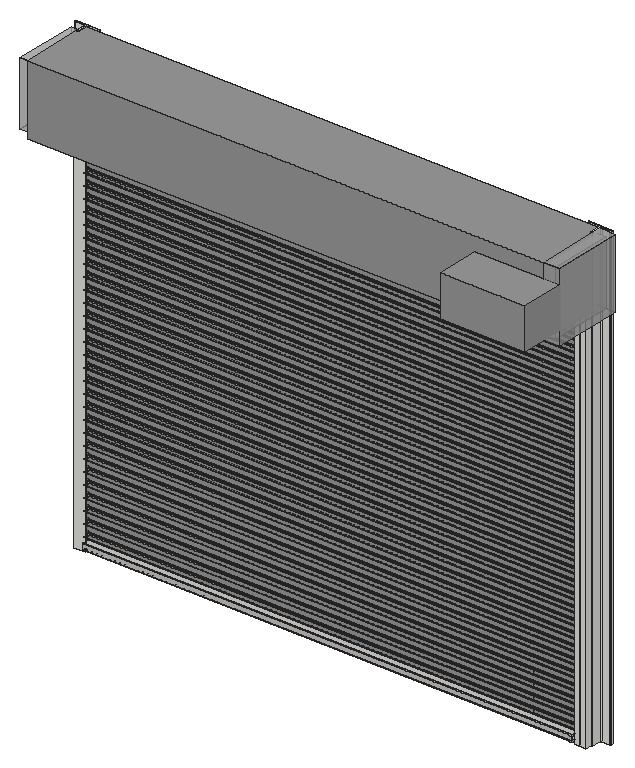
Revit family "Door-EntryDefender-FaceOfWallMount_Cookson_wTYPES", category Doors, host Wall, Revit 2016
Family settings
  Host = Wall
  OmniClass Number = 23.30.10.17.27.11
  OmniClass Title = Overhead Coiling
  Always vertical = Yes
  Cut with Voids When Loaded = No
  Shared = No
  Room Calculation Point = No
Parameters (values of type "Model PED 0101 - 14' x 10' Opening")
  Voltage = 120 VA  # constant formula
  Type Comments = ""
  SpectraSheild Coating Information [instance] = "https://www.cooksondoor.com/accessory/spectrashield-powder-coating"  # constant formula
  Sizing for Opening Size = "Minimum 3ft x 3ft and Max Openings up to 14ft wide x 16ft high"  # constant formula
  Rating Offset = 0' - 4 1/2"
  Product Page = "https://www.cooksondoor.com/product/entrydefender-door"
  Opening Width = 14' - 0"
  Non-Fire-Rated = yes
  Listings = "ICC 500 - 2014, FEMA P-361, [UL10B, UL1784 (fire rated model only)]"  # constant formula
  Jamb Dimension Note = "4 - 8In wide and 5-6In deep. Consult Cookson when dimensions are critical."  # constant formula
  Operator Right Side Horizontal OR = yes
  Operator Left Side Horizontal OR = no
  Opening Height = 10' - 0"
  Operator Right Side Top OR = no
  Operator Left Side Top OR = no
  Guide Material = Steel
  Guide Height = Height - A Coil Hood Height  # 11' - 2"
  E = 0' - 7 3/8"
  D = 0' - 3 1/2"  # constant formula
  Rough Height = 10' - 0 1/2"
  Product Options = "Seismic Performance Validation. Standard Emergency Annuciator: [ADA Compliant horn/strobe.  Voice Warning Module                                 \r\nStandard : Emergency Annunciator: [ADA compliant horn/strobe] [Voice Warning Module] emergency annunciator to give advanced warning that door is about to close, activating warning signal upon alarm or activation. \r\nStandard : Battery Back-Up: Model R-BBU Battery Back-Up System for AlarmGard Motor Operator: Prevent gravity closure for a minimum of four hours due to power failure.\r\nOperator and Full Bracket Mechanism Cover: Provide minimum 24 gauge [galvanized steel] [stainless steel] sheet metal cover [to provide weather resistance] [to enclose exposed moving operating components] at coil area of unit. Finish to match door hood."  # constant formula
  Operator Width = Width + 0' 9"  # 14' - 9"
  Guard Width = Width + if(Rating Offset = 0' 4 1/2", 0' 2 1/4", 0' 3 1/4")  # 14' - 2 1/4"
  Function = Interior
  Door Material [instance] = Metal - Steel, Galvanized - Cookson - SpectraShield Powder Coating - Grey
  Cost Note = "Based on size, materials selected. Consult CornellIron ."  # constant formula
  Cost = 0
  CornellIron Products = ""
  Cookson Custom Finishes = "https://www.cooksondoor.com/product-customization/ral-colors"  # constant formula
  Coil Dimension Note = "Consult Cookson when dimensions are critical."  # constant formula
  Clearances on Operator side Note = "9In-11In wide. Consult Cookson when dimensions are critical."  # constant formula
  Clearances on Adjuster side Note = "6In - 8In wide. Consult Cookson when dimensions are critical."  # constant formula
  CAD Resources = ""
  C = 0' - 5 1/2"  # constant formula
  Mounting = "Face of Wall "  # constant formula
  Wall Construction = "Steel or Masonry"  # constant formula
  Product Specifications URL = "https://www.cooksondoor.com/docs/default-source/specifications/cookson/sp_entrydefender_door_k.docx"
  CornellIron Projects = ""
  URL = "http://www.cooksondoor.com/"
  Subcategory = "Roll Up"
  Operator Height = 5' - 4"
  Operation = "Motor Operator"  # constant formula
  Operator on Right = not(or(Operator Left Side Horizontal OR, Operator Left Side Top OR))  # yes
  Operator on Left = not(or(Operator Right Side Horizontal OR, Operator Right Side Top OR))  # no
  Model = "PED0101"  # constant formula
  Manufacturer = "Cookson"
  LEED Information = ""
  Height = if(Opening Height < 3' 0", 3' 0", if(Opening Height > 16' 0", 16' 0", Opening Height)) + 3' 2"  # 13' - 2"
  Wall Closure = By host
  Width = if(Opening Width < 3' 0", 3' 0", if(Opening Width > 14' 0", 14' 0", Opening Width))  # 14' - 0"
  Description = "Steel curtain with face of wall mounted guides"  # constant formula
  Construction Type = ""
  Bottom Bar Material = 12 gauge Steel
  B Coil Hood Depth = A Coil Hood Height  # 2' - 0"
  Assembly Code = "B2030410"
  Analytic Construction = "<None>"
  A Coil Hood Height = 2' - 0"
  95 CSI = "08330"  # constant formula
  Representative Disclaimer = "CornellIron products are sold and installed through a nationwide network of independent distributors."  # constant formula
  Distributor Locator = ""
  04 CSI = "08 33 00"  # constant formula
  # Of Slats = (Guide Height / 0' 4")  # 34
Reference planes (in)
  plane 1 "Center (Front/Back)": y = 0
  plane 2 "Center (Left/Right)": x = 36.5
  plane 3 "Left": x = -47.5
  plane 4 "Right": x = 120.5
  plane 5 "Wall Edge": y = -3.25
  plane 6 "Top of Hood": z = 158
  plane 7: z = 4.39975
  plane 8: z = 4.39975
  plane 9: z = 6.41361
  plane 10: z = 10.41361
  plane 11: y = -5.125
  plane 12 "RatingOffset": x = -52
  plane 13 "Right Opening": x = -50
  plane 14 "Left Opening": x = 123
  plane 15: y = -6.249
  plane 16: x = -51.625
  plane 17: x = 125
  plane 18: x = 123.875
  plane 19: z = 120
  plane 20: z = 201
  plane 21: x = 146.5
  plane 22: x = 74
  plane 23: z = 48
  plane 24 "CurtainSlatFace": y = -7.5625
  plane 25: z = 1.094
  plane 26: y = -7.6671
  plane 27: y = -10.6671
  plane 28: z = 3.094
Forms (in)
  Extrusion 1, solid, material "Metal - Steel, Galvanized - Cookson - SpectraShield Powder Coating - Grey" <- "Door Material"
    sketch origin (36.5, 5.6875, 0) x (0, 1, 0) y (0, 0, 1)
      loop
        arc (-14.54091, 1.094) -> (-14.68883, 1.03273) -> (-14.75011, 0.8848) r 0.2092
        line (-14.75011, 0.8848) -> (-14.75011, 0.2092)
        arc (-14.75011, 0.2092) -> (-14.68883, 0.06127) -> (-14.54091, 0) r 0.2092
        line (-14.54091, 0) -> (-13.4592, 0)
        arc (-13.4592, 0) -> (-13.31127, 0.06127) -> (-13.25, 0.2092) r 0.2092
        line (-13.25, 0.2092) -> (-13.25, 3.7908)
        arc (-13.25, 3.7908) -> (-13.31127, 3.93873) -> (-13.4592, 4) r 0.2092
        line (-13.4592, 4) -> (-14.54091, 4)
        arc (-14.54091, 4) -> (-14.61487, 4.03064) -> (-14.64551, 4.1046) r 0.1046
        line (-14.64551, 4.1046) -> (-14.64551, 5.2704)
        arc (-14.64551, 5.2704) -> (-14.61487, 5.34436) -> (-14.54091, 5.375) r 0.1046
        line (-14.54091, 5.375) -> (-13.8546, 5.375)
        arc (-13.8546, 5.375) -> (-13.78064, 5.34436) -> (-13.75, 5.2704) r 0.1046
        line (-13.75, 5.2704) -> (-13.75, 4.75) -> (-13.6454, 4.75) -> (-13.6454, 5.2704)
        arc (-13.6454, 5.2704) -> (-13.70667, 5.41833) -> (-13.8546, 5.4796) r 0.2092
        line (-13.8546, 5.4796) -> (-14.54091, 5.4796)
        arc (-14.54091, 5.4796) -> (-14.68883, 5.41833) -> (-14.75011, 5.2704) r 0.2092
        line (-14.75011, 5.2704) -> (-14.75011, 4.1046)
        arc (-14.75011, 4.1046) -> (-14.68883, 3.95667) -> (-14.54091, 3.8954) r 0.2092
        line (-14.54091, 3.8954) -> (-13.4592, 3.8954)
        arc (-13.4592, 3.8954) -> (-13.38524, 3.86476) -> (-13.3546, 3.7908) r 0.1046
        line (-13.3546, 3.7908) -> (-13.3546, 0.2092)
        arc (-13.3546, 0.2092) -> (-13.38524, 0.13524) -> (-13.4592, 0.1046) r 0.1046
        line (-13.4592, 0.1046) -> (-14.54091, 0.1046)
        arc (-14.54091, 0.1046) -> (-14.61487, 0.13524) -> (-14.64551, 0.2092) r 0.1046
        line (-14.64551, 0.2092) -> (-14.64551, 0.8848)
        arc (-14.64551, 0.8848) -> (-14.61487, 0.95876) -> (-14.54091, 0.9894) r 0.1046
        line (-14.54091, 0.9894) -> (-13.9375, 0.9894) -> (-13.9375, 1.094) -> (-14.54091, 1.094)
      loop
        arc (-14.35818, 0.95815) -> (-14.50611, 0.89688) -> (-14.56738, 0.74895) r 0.2092
        line (-14.56738, 0.74895) -> (-14.56738, 0.34505)
        arc (-14.56738, 0.34505) -> (-14.50611, 0.19712) -> (-14.35818, 0.13585) r 0.2092
        line (-14.35818, 0.13585) -> (-13.43273, 0.13585) -> (-13.43273, 0.24045) -> (-14.35818, 0.24045)
        arc (-14.35818, 0.24045) -> (-14.43215, 0.27109) -> (-14.46278, 0.34505) r 0.1046
        line (-14.46278, 0.34505) -> (-14.46278, 0.74895)
        arc (-14.46278, 0.74895) -> (-14.43215, 0.82291) -> (-14.35818, 0.85355) r 0.1046
        line (-14.35818, 0.85355) -> (-13.43273, 0.85355) -> (-13.43273, 0.95815) -> (-14.35818, 0.95815)
    from -85.125 to 85.125
  Extrusion 2, solid, material "12 gauge Steel" <- "Bottom Bar Material"
    sketch origin (-47.5, 0, 0) x (0, -1, 0) y (0, 0, 1)
      loop
        arc (7.8763, 3.094) -> (7.72837, 3.03273) -> (7.6671, 2.8848) r 0.2092
        line (7.6671, 2.8848) -> (7.6671, 1.30494)
        arc (7.6671, 1.30494) -> (7.72888, 1.15578) -> (7.87804, 1.094) r 0.21094
        line (7.87804, 1.094) -> (10.45616, 1.094)
        arc (10.45616, 1.094) -> (10.60532, 1.15578) -> (10.6671, 1.30494) r 0.21094
        line (10.6671, 1.30494) -> (10.6671, 2.88306)
        arc (10.6671, 2.88306) -> (10.60532, 3.03222) -> (10.45616, 3.094) r 0.21094
        line (10.45616, 3.094) -> (7.8763, 3.094)
      loop
        arc (7.98351, 2.98853) -> (7.83435, 2.92675) -> (7.77257, 2.77759) r 0.21094
        line (7.77257, 2.77759) -> (7.77257, 1.41041)
        arc (7.77257, 1.41041) -> (7.83435, 1.26125) -> (7.98351, 1.19947) r 0.21094
        line (7.98351, 1.19947) -> (10.35069, 1.19947)
        arc (10.35069, 1.19947) -> (10.49985, 1.26125) -> (10.56163, 1.41041) r 0.21094
        line (10.56163, 1.41041) -> (10.56163, 2.77759)
        arc (10.56163, 2.77759) -> (10.49985, 2.92675) -> (10.35069, 2.98853) r 0.21094
        line (10.35069, 2.98853) -> (7.98351, 2.98853)
    from -168 to 0
Lines and regions (in)
  Opening 1
    outline origin (-90, -3.25, 0) x (1, 0, 0) y (0, 0, 1)
      loop
        line (42.5, 0) -> (210.5, 0) -> (210.5, 120) -> (42.5, 120) -> (42.5, 0)
  symbolic lines
    curve 1: line (-48.625, -7.5625, 0) -> (121.625, -7.5625, 0)
    curve 2: line (-48.625, -9.06261, 0) -> (-48.625, -7.5625, 0)
    curve 3: line (121.625, -9.06261, 0) -> (-48.625, -9.06261, 0)
    curve 4: line (121.625, -7.5625, 0) -> (121.625, -9.06261, 0)
Text (in)
  text "Exterior" at (-74.96733, 43.29818, 0), in view "Ref. Level"
  text "Interior" at (-74.96733, -25.14366, 0), in view "Ref. Level"
  text "Exterior" at (0, 40.15149, 123.01588), in view "Right"
  text "Interior" at (0, -64.39139, 123.01588), in view "Right"
  text "Interior" at (0, -99.68667, 224.54229), in view "Left"
  text "Exterior" at (0, 121.89301, 224.54229), in view "Left"
Dimensions and locks (in)
  equal spacing: plane 3 "Left", plane 2 "Center (Left/Right)", plane 4 "Right"
  "Width": plane 3 "Left" to plane 4 "Right"
  locked: level to plane 7 at 4.39975
  locked: level to plane 8 at 4.39975
  locked: plane 9 to level at 6.41361
  level to plane 10 = 0' - 10.41361"
  locked: plane 13 "Right Opening" to plane 3 "Left" at 2.5
  locked: plane 4 "Right" to plane 14 "Left Opening" at 2.5
  locked: plane 5 "Wall Edge" to plane 11 at 1.875
  locked: plane 5 "Wall Edge" to plane 15 at 2.999
  locked: plane 17 to plane 18 at 1.125
  "Rating Offset": plane 4 "Right" to plane 17
  "Rating Offset": plane 12 "RatingOffset" to plane 3 "Left"
  locked: plane 16 to plane 3 "Left" at 4.125
  plane 23 to level = 4' - 0"
  plane 14 "Left Opening" to plane 21 = 1' - 11 1/2"
  "Opening Height": level to plane 19
  "Height": plane 6 "Top of Hood" to level
  equal spacing: group 1, group 2, group 3, group 4, group 5, group 6, group 7, group 8, group 9, group 10, group 11, group 12, group 13, group 14, group 15, group 16, group 17, group 18, group 19, group 20, group 21, group 22, group 23, group 24, group 25, group 26, group 27, group 28, group 29, group 30, group 31, group 32, group 33, group 34  (x3)
  nested 1 to nested 1 = 2' - 0"  (x3)
  "A Coil Hood Height": nested 1 to plane 6 "Top of Hood"
  nested 1 to level = 13' - 2"
  nested 1 to level = 11' - 2"
  nested 13 to level = 13' - 2"
  plane 3 "Left" to plane 4 "Right" = 14' - 0"
  locked: plane 5 "Wall Edge" to plane 24 "CurtainSlatFace" at 4.3125
  locked: plane 5 "Wall Edge" to nested 1 at 1.25
  locked: plane 12 "RatingOffset" to Extrusion 1 at 3.375
  locked: plane 17 to Extrusion 1 at 3.375
  plane 5 "Wall Edge" to nested 1 = 2' - 1 1/4"
  plane 5 "Wall Edge" to nested 1 = 0' - 1 1/4"
  locked: Extrusion 2 sketch curve to Extrusion 2 sketch curve at 0.10547
  locked: Extrusion 2 sketch curve to plane 27 at 0.10547
  locked: plane 28 to Extrusion 2 sketch curve at 0.10547
  locked: Extrusion 2 sketch curve to plane 25 at 0.10547
  plane 24 "CurtainSlatFace" to plane 26 to plane 27 = 0' - 0.1046" locked, 0' - 3" locked
  aligned and locked: Opening 1 sketch curve to level
  aligned and locked: plane 5 "Wall Edge" to host wall
  aligned and locked: plane 4 "Right" to Opening 1 sketch curve
  aligned and locked: plane 3 "Left" to Opening 1 sketch curve
  aligned and locked: nested 2 to plane 2 "Center (Left/Right)"
  aligned and locked: nested 3 to plane 2 "Center (Left/Right)"
  aligned and locked: nested 14 to plane 17
  aligned and locked: nested 14 to plane 5 "Wall Edge"
  aligned and locked: plane 5 "Wall Edge" to nested 13
  aligned and locked: plane 24 "CurtainSlatFace" to Extrusion 1
  aligned and locked: plane 12 "RatingOffset" to nested 13
  aligned and locked: plane 24 "CurtainSlatFace" to nested 2
  aligned and locked: curve 2 to nested 13
  aligned and locked: curve 4 to nested 14
  aligned and locked: plane 27 to Extrusion 2 sketch curve
  aligned and locked: Extrusion 2 sketch curve to plane 26
  aligned and locked: Extrusion 2 sketch curve to plane 28
  aligned and locked: plane 25 to Extrusion 2 sketch curve
  aligned and locked: Extrusion 2 to plane 4 "Right"
  aligned and locked: plane 3 "Left" to Extrusion 2
Automatic sketch dimensions
  Opening 1 sketch curve to plane 19 = 0' - 0"
  Extrusion 1 sketch curve to Extrusion 1 sketch curve = 0' - 0"  (x37)
  Extrusion 1 sketch curve to Extrusion 1 sketch curve = 0' - 0.1046"  (x10)
  Extrusion 1 sketch curve to Extrusion 1 sketch curve = 0' - 0.60341"
  Extrusion 1 sketch curve to Extrusion 1 sketch curve = 0' - 0.68631"
  Extrusion 1 sketch curve to Extrusion 1 sketch curve = 0' - 1.08171"
  Extrusion 1 sketch curve to Extrusion 1 sketch curve = 0' - 0.1862"
  Extrusion 1 sketch curve to Extrusion 1 sketch curve = 0' - 0.02648"
  Extrusion 1 sketch curve to Extrusion 1 sketch curve = 0' - 0.50477"
  Extrusion 1 sketch curve to Extrusion 1 sketch curve = 0' - 0.02647"
  Extrusion 1 sketch curve to Extrusion 1 sketch curve = 0' - 0 1/32"
  Extrusion 1 sketch curve to Extrusion 1 sketch curve = 0' - 0.13585"
  Extrusion 1 sketch curve to Extrusion 1 sketch curve = 0' - 0.4039"
  Extrusion 1 sketch curve to Extrusion 1 sketch curve = 0' - 2.6968"
  Extrusion 1 sketch curve to Extrusion 1 sketch curve = 0' - 0 3/4"
  Extrusion 1 sketch curve to Extrusion 1 sketch curve = 0' - 0.5204"
  curve 2 to curve 3 = 14' - 2 1/4"
  curve 2 to curve 2 = 0' - 1.50011"
  Extrusion 1 sketch curve to level = 0' - 0"
  Extrusion 1 sketch curve to plane 24 "CurtainSlatFace" = 0' - 0"
  curve 4 to plane 24 "CurtainSlatFace" = 0' - 0"
  curve 4 to plane 24 "CurtainSlatFace" = 0' - 1.50011"
  Extrusion 2 sketch curve to plane 26 = 0' - 0.2092"
  Extrusion 2 sketch curve to Extrusion 2 sketch curve = 0' - 0 27/256"  (x4)
  Extrusion 2 sketch curve to Extrusion 2 sketch curve = 0' - 0.10721"
  plane 27 to Extrusion 2 sketch curve = 0' - 0 81/256"  (x2)
  Extrusion 2 sketch curve to Extrusion 2 sketch curve = 0' - 0"
Nested families (in)
  nested 1: "Coil Hood" at (36.5, -13, 79.5), Door Material <- "Door Material", type "Parametric"
    with Door Material Metal - Steel, Galvanized - Cookson - SpectraShield Powder Coating - Grey, Top Left no, Top Operator CL 0' - 4 7/8", Right yes, Operator Cover Left no, Opeator Cover Right yes, Left no, Horizontal Right yes, E 0' - 4 7/8", B Coil Hood Depth 2' - 0", A Coil Hood Height 2' - 0"
  nested 2: "Curtain Slat Design" at (119.84707, -8.51, 7.40625) x (-1, 0, 0) z (0, 0, 1), Door Material <- "Door Material", type "Parametric"
    with No Of Stuts Upper 17, No Of Stuts 18, Door Material Metal - Steel, Galvanized - Cookson - SpectraShield Powder Coating - Grey, Distance Horizontal Placement 0' - 9"
  nested 3: "Curtain Slat Design" at (119.84707, -8.51, 11.40625) x (-1, 0, 0) z (0, 0, 1), Door Material <- "Door Material", type "Parametric"
    with No Of Stuts Upper 17, No Of Stuts 18, Door Material Metal - Steel, Galvanized - Cookson - SpectraShield Powder Coating - Grey, Distance Horizontal Placement 0' - 9"
  nested 4: "Curtain Slat Design" at (119.84707, -8.51, 15.40625) x (-1, 0, 0) z (0, 0, 1), Door Material <- "Door Material", type "Parametric"
    with No Of Stuts Upper 17, No Of Stuts 18, Door Material Metal - Steel, Galvanized - Cookson - SpectraShield Powder Coating - Grey, Distance Horizontal Placement 0' - 9"
  nested 5: "Curtain Slat Design" at (119.84707, -8.51, 19.40625) x (-1, 0, 0) z (0, 0, 1), Door Material <- "Door Material", type "Parametric"
    with No Of Stuts Upper 17, No Of Stuts 18, Door Material Metal - Steel, Galvanized - Cookson - SpectraShield Powder Coating - Grey, Distance Horizontal Placement 0' - 9"
  nested 6: "Curtain Slat Design" at (119.84707, -8.51, 23.40625) x (-1, 0, 0) z (0, 0, 1), Door Material <- "Door Material", type "Parametric"
    with No Of Stuts Upper 17, No Of Stuts 18, Door Material Metal - Steel, Galvanized - Cookson - SpectraShield Powder Coating - Grey, Distance Horizontal Placement 0' - 9"
  nested 7: "Curtain Slat Design" at (119.84707, -8.51, 27.40625) x (-1, 0, 0) z (0, 0, 1), Door Material <- "Door Material", type "Parametric"
    with No Of Stuts Upper 17, No Of Stuts 18, Door Material Metal - Steel, Galvanized - Cookson - SpectraShield Powder Coating - Grey, Distance Horizontal Placement 0' - 9"
  nested 8: "Curtain Slat Design" at (119.84707, -8.51, 31.40625) x (-1, 0, 0) z (0, 0, 1), Door Material <- "Door Material", type "Parametric"
    with No Of Stuts Upper 17, No Of Stuts 18, Door Material Metal - Steel, Galvanized - Cookson - SpectraShield Powder Coating - Grey, Distance Horizontal Placement 0' - 9"
  nested 9: "Curtain Slat Design" at (119.84707, -8.51, 35.40625) x (-1, 0, 0) z (0, 0, 1), Door Material <- "Door Material", type "Parametric"
    with No Of Stuts Upper 17, No Of Stuts 18, Door Material Metal - Steel, Galvanized - Cookson - SpectraShield Powder Coating - Grey, Distance Horizontal Placement 0' - 9"
  nested 10: "Curtain Slat Design" at (119.84707, -8.51, 39.40625) x (-1, 0, 0) z (0, 0, 1), Door Material <- "Door Material", type "Parametric"
    with No Of Stuts Upper 17, No Of Stuts 18, Door Material Metal - Steel, Galvanized - Cookson - SpectraShield Powder Coating - Grey, Distance Horizontal Placement 0' - 9"
  nested 11: "Curtain Slat Design" at (119.84707, -8.51, 43.40625) x (-1, 0, 0) z (0, 0, 1), Door Material <- "Door Material", type "Parametric"
    with No Of Stuts Upper 17, No Of Stuts 18, Door Material Metal - Steel, Galvanized - Cookson - SpectraShield Powder Coating - Grey, Distance Horizontal Placement 0' - 9"
  nested 12: "Curtain Slat Design" at (119.84707, -8.51, 47.40625) x (-1, 0, 0) z (0, 0, 1), Door Material <- "Door Material", type "Parametric"
    with No Of Stuts Upper 17, No Of Stuts 18, Door Material Metal - Steel, Galvanized - Cookson - SpectraShield Powder Coating - Grey, Distance Horizontal Placement 0' - 9"
  nested 13: "Jamb-Guide_Wall-2" at (-51.5, -9.5, 0), Door Material <- "Guide Material", type "Parametric"
    with Door Material Steel, Height 13' - 2", A Coil Hood Height 2' - 0"
  nested 14: "Jamb-Guide_Wall-2" at (124.5, -9.5, 0) x (-1, 0, 0) z (0, 0, 1), Door Material <- "Guide Material", type "Parametric"
    with Door Material Steel, Height 13' - 2", A Coil Hood Height 2' - 0"
  nested 15: "Curtain Slat Design" at (119.84707, -8.51, 51.40625) x (-1, 0, 0) z (0, 0, 1), Door Material <- "Door Material", type "Parametric"
    with No Of Stuts Upper 17, No Of Stuts 18, Door Material Metal - Steel, Galvanized - Cookson - SpectraShield Powder Coating - Grey, Distance Horizontal Placement 0' - 9"
  nested 16: "Curtain Slat Design" at (119.84707, -8.51, 55.40625) x (-1, 0, 0) z (0, 0, 1), Door Material <- "Door Material", type "Parametric"
    with No Of Stuts Upper 17, No Of Stuts 18, Door Material Metal - Steel, Galvanized - Cookson - SpectraShield Powder Coating - Grey, Distance Horizontal Placement 0' - 9"
  nested 17: "Curtain Slat Design" at (119.84707, -8.51, 59.40625) x (-1, 0, 0) z (0, 0, 1), Door Material <- "Door Material", type "Parametric"
    with No Of Stuts Upper 17, No Of Stuts 18, Door Material Metal - Steel, Galvanized - Cookson - SpectraShield Powder Coating - Grey, Distance Horizontal Placement 0' - 9"
  nested 18: "Curtain Slat Design" at (119.84707, -8.51, 63.40625) x (-1, 0, 0) z (0, 0, 1), Door Material <- "Door Material", type "Parametric"
    with No Of Stuts Upper 17, No Of Stuts 18, Door Material Metal - Steel, Galvanized - Cookson - SpectraShield Powder Coating - Grey, Distance Horizontal Placement 0' - 9"
  nested 19: "Curtain Slat Design" at (119.84707, -8.51, 67.40625) x (-1, 0, 0) z (0, 0, 1), Door Material <- "Door Material", type "Parametric"
    with No Of Stuts Upper 17, No Of Stuts 18, Door Material Metal - Steel, Galvanized - Cookson - SpectraShield Powder Coating - Grey, Distance Horizontal Placement 0' - 9"
  nested 20: "Curtain Slat Design" at (119.84707, -8.51, 71.40625) x (-1, 0, 0) z (0, 0, 1), Door Material <- "Door Material", type "Parametric"
    with No Of Stuts Upper 17, No Of Stuts 18, Door Material Metal - Steel, Galvanized - Cookson - SpectraShield Powder Coating - Grey, Distance Horizontal Placement 0' - 9"
  nested 21: "Curtain Slat Design" at (119.84707, -8.51, 75.40625) x (-1, 0, 0) z (0, 0, 1), Door Material <- "Door Material", type "Parametric"
    with No Of Stuts Upper 17, No Of Stuts 18, Door Material Metal - Steel, Galvanized - Cookson - SpectraShield Powder Coating - Grey, Distance Horizontal Placement 0' - 9"
  nested 22: "Curtain Slat Design" at (119.84707, -8.51, 79.40625) x (-1, 0, 0) z (0, 0, 1), Door Material <- "Door Material", type "Parametric"
    with No Of Stuts Upper 17, No Of Stuts 18, Door Material Metal - Steel, Galvanized - Cookson - SpectraShield Powder Coating - Grey, Distance Horizontal Placement 0' - 9"
  nested 23: "Curtain Slat Design" at (119.84707, -8.51, 83.40625) x (-1, 0, 0) z (0, 0, 1), Door Material <- "Door Material", type "Parametric"
    with No Of Stuts Upper 17, No Of Stuts 18, Door Material Metal - Steel, Galvanized - Cookson - SpectraShield Powder Coating - Grey, Distance Horizontal Placement 0' - 9"
  nested 24: "Curtain Slat Design" at (119.84707, -8.51, 87.40625) x (-1, 0, 0) z (0, 0, 1), Door Material <- "Door Material", type "Parametric"
    with No Of Stuts Upper 17, No Of Stuts 18, Door Material Metal - Steel, Galvanized - Cookson - SpectraShield Powder Coating - Grey, Distance Horizontal Placement 0' - 9"
  nested 25: "Curtain Slat Design" at (119.84707, -8.51, 91.40625) x (-1, 0, 0) z (0, 0, 1), Door Material <- "Door Material", type "Parametric"
    with No Of Stuts Upper 17, No Of Stuts 18, Door Material Metal - Steel, Galvanized - Cookson - SpectraShield Powder Coating - Grey, Distance Horizontal Placement 0' - 9"
  nested 26: "Curtain Slat Design" at (119.84707, -8.51, 95.40625) x (-1, 0, 0) z (0, 0, 1), Door Material <- "Door Material", type "Parametric"
    with No Of Stuts Upper 17, No Of Stuts 18, Door Material Metal - Steel, Galvanized - Cookson - SpectraShield Powder Coating - Grey, Distance Horizontal Placement 0' - 9"
  nested 27: "Curtain Slat Design" at (119.84707, -8.51, 99.40625) x (-1, 0, 0) z (0, 0, 1), Door Material <- "Door Material", type "Parametric"
    with No Of Stuts Upper 17, No Of Stuts 18, Door Material Metal - Steel, Galvanized - Cookson - SpectraShield Powder Coating - Grey, Distance Horizontal Placement 0' - 9"
  nested 28: "Curtain Slat Design" at (119.84707, -8.51, 103.40625) x (-1, 0, 0) z (0, 0, 1), Door Material <- "Door Material", type "Parametric"
    with No Of Stuts Upper 17, No Of Stuts 18, Door Material Metal - Steel, Galvanized - Cookson - SpectraShield Powder Coating - Grey, Distance Horizontal Placement 0' - 9"
  nested 29: "Curtain Slat Design" at (119.84707, -8.51, 107.40625) x (-1, 0, 0) z (0, 0, 1), Door Material <- "Door Material", type "Parametric"
    with No Of Stuts Upper 17, No Of Stuts 18, Door Material Metal - Steel, Galvanized - Cookson - SpectraShield Powder Coating - Grey, Distance Horizontal Placement 0' - 9"
  nested 30: "Curtain Slat Design" at (119.84707, -8.51, 111.40625) x (-1, 0, 0) z (0, 0, 1), Door Material <- "Door Material", type "Parametric"
    with No Of Stuts Upper 17, No Of Stuts 18, Door Material Metal - Steel, Galvanized - Cookson - SpectraShield Powder Coating - Grey, Distance Horizontal Placement 0' - 9"
  nested 31: "Curtain Slat Design" at (119.84707, -8.51, 115.40625) x (-1, 0, 0) z (0, 0, 1), Door Material <- "Door Material", type "Parametric"
    with No Of Stuts Upper 17, No Of Stuts 18, Door Material Metal - Steel, Galvanized - Cookson - SpectraShield Powder Coating - Grey, Distance Horizontal Placement 0' - 9"
  nested 32: "Curtain Slat Design" at (119.84707, -8.51, 119.40625) x (-1, 0, 0) z (0, 0, 1), Door Material <- "Door Material", type "Parametric"
    with No Of Stuts Upper 17, No Of Stuts 18, Door Material Metal - Steel, Galvanized - Cookson - SpectraShield Powder Coating - Grey, Distance Horizontal Placement 0' - 9"
  nested 33: "Curtain Slat Design" at (119.84707, -8.51, 123.40625) x (-1, 0, 0) z (0, 0, 1), Door Material <- "Door Material", type "Parametric"
    with No Of Stuts Upper 17, No Of Stuts 18, Door Material Metal - Steel, Galvanized - Cookson - SpectraShield Powder Coating - Grey, Distance Horizontal Placement 0' - 9"
  nested 34: "Curtain Slat Design" at (119.84707, -8.51, 127.40625) x (-1, 0, 0) z (0, 0, 1), Door Material <- "Door Material", type "Parametric"
    with No Of Stuts Upper 17, No Of Stuts 18, Door Material Metal - Steel, Galvanized - Cookson - SpectraShield Powder Coating - Grey, Distance Horizontal Placement 0' - 9"
  nested 35: "Curtain Slat Design" at (119.84707, -8.51, 131.40625) x (-1, 0, 0) z (0, 0, 1), Door Material <- "Door Material", type "Parametric"
    with No Of Stuts Upper 17, No Of Stuts 18, Door Material Metal - Steel, Galvanized - Cookson - SpectraShield Powder Coating - Grey, Distance Horizontal Placement 0' - 9"
  nested 36: "Curtain Slat Design" at (119.84707, -8.51, 135.40625) x (-1, 0, 0) z (0, 0, 1), Door Material <- "Door Material", type "Parametric"
    with No Of Stuts Upper 17, No Of Stuts 18, Door Material Metal - Steel, Galvanized - Cookson - SpectraShield Powder Coating - Grey, Distance Horizontal Placement 0' - 9"
  nested 37: "Curtain Slat Design" at (119.84707, -8.51, 139.40625) x (-1, 0, 0) z (0, 0, 1), Door Material <- "Door Material", type "Parametric"
    with No Of Stuts Upper 17, No Of Stuts 18, Door Material Metal - Steel, Galvanized - Cookson - SpectraShield Powder Coating - Grey, Distance Horizontal Placement 0' - 9"
Definition of nested family "Coil Hood"
  Parameters (values of type "Parametric")
    Width = 14' - 9"
    Top Right = no
    Top Left = yes
    Top Operator CL = (B Coil Hood Depth / 2) - 0' 7 1/8"  # 0' - 7 3/8"
    Right Motor Visible = not(Motor)  # yes
    Right = no
    Pull = no
    Operator Height = Height / 1.5  # 3' - 6.66667"
    Operator Extents = none
    Operator Cover Left = yes
    Opeator Cover Right = no
    Motor = no
    Door Material [instance] = none
    Line = no
    Left Motor Visible = not(Motor)  # yes
    Left = yes
    Horizontal Right = no
    Horizontal Left = no
    Height = 5' - 4"
    Hand Crank = no
    E = (A Coil Hood Height - 1' 2 1/4") / 2  # 0' - 7 3/8"
    D = 0' - 3 1/2"
    C = 0' - 5 1/2"
    Bottom Bar = none
    B Coil Hood Depth = A Coil Hood Height  # 2' - 5"
    Assembly Code = ""
    Analytic Construction = "<None>"
    A Coil Hood Height = 2' - 5"
  Reference planes (in)
    plane 1 "Center (Front/Back)": y = 0
    plane 2: z = 0
    plane 3 "Center (Left/Right)": x = 0
    plane 4: x = -98.5
    plane 5: x = 98.5
    plane 6: z = 64
    plane 7: y = 8.5
    plane 8: z = 54.5
    plane 9: y = 6.625
    plane 10: x = -94
    plane 11: x = 94
    plane 12: x = -104
    plane 13: x = 104
    plane 14: x = 103.75
    plane 15: x = -103.75
    plane 16: z = 73.5
    plane 17: y = -13
    plane 18: y = -28.5
    plane 19: x = -87.125
    plane 20 "Left Side": x = -88.5
    plane 21 "Right Side": x = 88.5
    plane 22: y = -11.5
    plane 23: y = -26.1875
    plane 24: x = 79.3125
    plane 25: x = -79.3125
    plane 26: x = 65
    plane 27: x = -65
    plane 28: z = 83.5
    plane 29 "Top": z = 83.5
    plane 30: y = -20.5
    plane 31 "Horz CL": z = 69
  Forms (in)
    Sweep 1, solid, material <- "Door Material"
      path origin (-42.75, -180, 54.5) x (0, -1, 0) y (1, 0, 0)
        loop
          line (-188.5, -45.75) -> (-188.5, 131.25)
      profile "Profile_Hood : Profile_Hood" origin (0, 8.5, 54.5) x (0, 1, 0) y (0, 0, 1)
        loop
          line (-29, 29) -> (-29, 0) -> (0, 0) -> (0, 29) -> (-29, 29)
    Sweep 2, solid, material <- "Operator Extents", visible <- "Operator Cover Left"
      path origin (0, 0, 0) x (1, 0, 0) y (0, 0, 1)
        loop
          line (-88.5, 64) -> (-94, 64)
      profile origin (-91.25, 0, 64) x (0, 0, -1) y (0, -1, 0)
        loop
          line (-19.5, 20.5) -> (-19.5, -8.5) -> (9.5, -8.5) -> (9.5, 20.5) -> (-19.5, 20.5)
    Sweep 3, solid, material <- "Operator Extents", visible <- "Opeator Cover Right"
      path origin (0, 0, 0) x (-1, 0, 0) y (0, 0, 1)
        loop
          line (-88.5, 64) -> (-94, 64)
      profile origin (91.25, 0, 64) x (0, 0, 1) y (0, -1, 0)
        loop
          line (19.5, -8.5) -> (19.5, 20.5) -> (-9.5, 20.5) -> (-9.5, -8.5) -> (19.5, -8.5)
    Extrusion 4, solid, material <- "Door Material", visible <- "Horizontal Right"
      sketch origin (0.8125, 0, -0.8125) x (1, 0, 0) y (0, 1, 0)
        loop
          line (93.1875, -35.1875) -> (93.1875, -20.5) -> (64.1875, -20.5) -> (64.1875, -35.1875) -> (93.1875, -35.1875)
      from 62.6875 to 76.9375
    Extrusion 5, solid, material <- "Door Material", visible <- "Horizontal Left"
      sketch origin (-0.8125, 0, -12.21875) x (1, 0, 0) y (0, 1, 0)
        loop
          line (-93.1875, -35.1875) -> (-64.1875, -35.1875) -> (-64.1875, -20.5) -> (-93.1875, -20.5) -> (-93.1875, -35.1875)
      from 74.09375 to 88.34375
    Extrusion 6, solid, material <- "Door Material", visible <- "Top Left"
      sketch origin (0, 0, 83.5) x (0, 1, 0) y (-1, 0, 0)
        loop
          line (1.125, 94) -> (-13.125, 94) -> (-13.125, 65) -> (1.125, 65) -> (1.125, 94)
      from 0 to 14.25
    Extrusion 7, solid, material <- "Door Material", visible <- "Top Right"
      sketch origin (0, 0, 83.5) x (0, 1, 0) y (-1, 0, 0)
        loop
          line (1.125, -94) -> (1.125, -65) -> (-13.125, -65) -> (-13.125, -94) -> (1.125, -94)
      from 0 to 14.25
    Extrusion 8, solid, material <- "Operator Extents", visible <- "Opeator Cover Right"
      sketch origin (-88.5, 0, 0) x (0, 0, 1) y (0, -1, 0)
        loop
          line (82.5, -7.5) -> (82.5, 19.5) -> (55.5, 19.5) -> (55.5, -7.5) -> (82.5, -7.5)
      from 0 to -3.5
    Extrusion 9, solid, material <- "Operator Extents"
      sketch origin (88.5, 0, 0) x (0, 0, 1) y (0, 1, 0)
        loop
          line (82.5, -19.5) -> (82.5, 7.5) -> (55.5, 7.5) -> (55.5, -19.5) -> (82.5, -19.5)
      from 0 to -3.5
  Lines and regions (in)
    symbolic lines, visible <- "Left"
      curve 1: line (-94, -22.5, 0) -> (-94, 8.5, 0)
    symbolic lines
      curve 2: line (-94, -20.5, 0) -> (94, -20.5, 0)
      curve 9: line (94, -20.5, 0) -> (94, 8.5, 0)
      curve 12: line (-94, 8.5, 0) -> (-94, -20.5, 0)
    symbolic lines, visible <- "Top Left"
      curve 3: line (-65, -35.1875, 0) -> (-65, -20.5, 0)
      curve 4: line (-94, -35.1875, 0) -> (-65, -35.1875, 0)
      curve 5: line (-94, -20.5, 0) -> (-94, -35.1875, 0)
      curve 11: line (-94, -20.5, 0) -> (-94, -35.1875, 0)
    symbolic lines, visible <- "Top Right"
      curve 6: line (65, -20.5, 0) -> (65, -35.1875, 0)
      curve 7: line (65, -35.1875, 0) -> (94, -35.1875, 0)
      curve 8: line (94, -35.1875, 0) -> (94, -20.5, 0)
    symbolic lines, visible <- "Right"
      curve 10: line (94, 8.5, 0) -> (94, -22.5, 0)
    symbolic lines, visible <- "Horizontal Left"
      curve 13: line (-65, -13.125, 0) -> (-65, 1.125, 0)
      curve 14: line (-94, -13.125, 0) -> (-65, -13.125, 0)
      curve 15: line (-94, 1.125, 0) -> (-65, 1.125, 0)
    symbolic lines, visible <- "Horizontal Right"
      curve 16: line (65, -13.125, 0) -> (65, 1.125, 0)
      curve 17: line (94, -13.125, 0) -> (65, -13.125, 0)
      curve 18: line (94, 1.125, 0) -> (65, 1.125, 0)
  Dimensions and locks (in)
    equal spacing: plane 4, plane 3 "Center (Left/Right)", plane 5
    "Height": plane 6 to level
    locked: plane 7 to plane 1 "Center (Front/Back)" at 8.5
    locked: plane 7 to plane 9 at 1.875
    locked: plane 11 to plane 5 at 4.5
    locked: plane 4 to plane 10 at 4.5
    locked: plane 12 to plane 4 at 5.5
    locked: plane 13 to plane 5 at 5.5
    locked: plane 12 to plane 15 at 0.25
    plane 14 to plane 13 = 0' - 0 1/4"
    equal spacing: plane 8, plane 6, plane 16
    plane 8 to plane 16 = 1' - 7"
    locked: plane 7 to plane 17 at 21.5
    locked: plane 17 to plane 18 at 15.5
    plane 7 to plane 17 to plane 18 = 1' - 9 1/2", 1' - 3 1/2"
    locked: plane 19 to plane 10 at 6.875
    "C": plane 20 "Left Side" to plane 10
    "C": plane 21 "Right Side" to plane 11
    plane 22 to plane 23 = 1' - 2 11/16"
    locked: plane 24 to plane 11 at 14.6875
    locked: plane 25 to plane 10 at 14.6875
    locked: plane 26 to plane 11 at 29
    locked: plane 27 to plane 10 at 29
    locked: Extrusion 5 sketch curve to Extrusion 5 sketch curve at 14.6875
    locked: Extrusion 5 to Extrusion 5 at 14.25
    locked: Extrusion 4 sketch curve to Extrusion 4 sketch curve at 14.6875
    "B Coil Hood Depth": plane 7 to plane 30
    "A Coil Hood Height": plane 8 to plane 29 "Top"
    equal spacing: plane 11, plane 3 "Center (Left/Right)", plane 10
    "Width": plane 21 "Right Side" to plane 20 "Left Side"
    equal spacing: plane 29 "Top", plane 31 "Horz CL", plane 8
    locked: plane 31 "Horz CL" to Extrusion 5 at 7.125
    locked: Extrusion 6 sketch curve to Extrusion 6 sketch curve at 14.25
    locked: Extrusion 7 sketch curve to Extrusion 7 sketch curve at 14.25
    "Top Operator CL": plane 7 to Extrusion 6
    locked: plane 29 "Top" to Extrusion 8 sketch curve at 1
    locked: Extrusion 8 sketch curve to plane 30 at 1
    locked: plane 8 to Extrusion 8 sketch curve at 1
    locked: plane 7 to Extrusion 8 sketch curve at 1
    locked: plane 20 "Left Side" to Extrusion 8 at 3.5
    locked: plane 21 "Right Side" to Extrusion 9 at 3.5
    aligned and locked: Sweep 1 sketch curve to plane 7
    aligned and locked: plane 20 "Left Side" to Sweep 1 sketch curve
    aligned and locked: plane 21 "Right Side" to Sweep 1 sketch curve
    aligned and locked: plane 20 "Left Side" to Sweep 2 sketch curve
    aligned and locked: plane 10 to Sweep 2 sketch curve
    aligned and locked: plane 21 "Right Side" to Sweep 3 sketch curve
    aligned and locked: plane 11 to Sweep 3 sketch curve
    aligned and locked: Extrusion 4 to plane 11
    aligned and locked: plane 26 to Extrusion 4
    aligned and locked: plane 27 to Extrusion 5
    aligned and locked: Sweep 2 sketch curve to Sweep 1  (x4)
    aligned and locked: Sweep 3 sketch curve to Sweep 1  (x4)
    aligned and locked: Extrusion 5 sketch curve to Sweep 2
    aligned and locked: Sweep 1 to Extrusion 4 sketch curve
    aligned and locked: curve 2 to Sweep 1
    aligned and locked: curve 3 to Extrusion 5
    aligned and locked: curve 4 to Extrusion 5
    aligned and locked: curve 5 to Extrusion 5
    aligned and locked: curve 6 to Extrusion 4
    aligned and locked: curve 7 to Extrusion 4
    aligned and locked: curve 8 to Extrusion 4
    aligned and locked: curve 9 to Sweep 3
    aligned and locked: curve 11 to Extrusion 5
    aligned and locked: curve 12 to Sweep 2
    aligned and locked: Extrusion 4 to Extrusion 5  (x2)
    aligned and locked: plane 26 to Extrusion 7 sketch curve
    aligned and locked: Extrusion 7 sketch curve to plane 11
    aligned and locked: Extrusion 7 sketch curve to Extrusion 6
    aligned and locked: Extrusion 7 to Extrusion 6
    aligned and locked: curve 15 to Extrusion 6
    aligned and locked: curve 14 to Extrusion 6
    aligned and locked: curve 18 to Extrusion 7
    aligned and locked: curve 17 to Extrusion 7
    aligned and locked: Extrusion 9 sketch curve to Extrusion 8  (x4)
  Automatic sketch dimensions
    Sweep 2 sketch curve to plane 6 = 0' - 0"
    Sweep 3 sketch curve to plane 6 = 0' - 0"
    curve 4 to plane 27 = 0' - 0"
    curve 13 to plane 27 = 0' - 0"
    curve 6 to plane 26 = 0' - 0"
    curve 16 to plane 26 = 0' - 0"
    curve 5 to plane 30 = 0' - 0"
    plane 18 to curve 6 = 0' - 6 11/16"
    plane 18 to curve 3 = 0' - 6 11/16"
    Extrusion 4 sketch curve to plane 26 = 0' - 0"
    Extrusion 4 sketch curve to plane 11 = 0' - 0"
    Extrusion 5 sketch curve to plane 10 = 0' - 0"
    Extrusion 5 sketch curve to plane 27 = 0' - 0"
    Extrusion 6 sketch curve to plane 10 = 0' - 0"
    Extrusion 6 sketch curve to plane 27 = 0' - 0"
    plane 17 to Extrusion 6 sketch curve = 0' - 0 1/8"
    curve 1 to curve 5 = 0' - 2"
    curve 1 to plane 7 = 0' - 0"
    curve 10 to curve 2 = 0' - 2"
    plane 7 to curve 9 = 0' - 0"
Definition of nested family "Curtain Slat Design"
  Parameters (values of type "Parametric")
    Width = 14' - 2 1/4"
    Vertical Rod Spacing = 0' - 2"
    Upper Corner Spacing = 0' - 10.22074"
    Door Material [instance] = none
    No Of Stuts Upper [instance] = Width / Distance Horizontal Placement - 2  # 17
    No Of Stuts [instance] = Width / Distance Horizontal Placement - 1  # 18
    Distance Horizontal Placement [instance] = 0' - 9"
    Curtain Spacing Vertical Chains 9" OC = no
    Curtain Spacing Vertical Chains 6" OC = yes
    Curtain Spacing Vertical Chains 3" OC = no
    Curtain Brick = yes
    Corner Spacing = 0' - 6 1/256"
    Assembly Code = ""
    Analytic Construction = "<None>"
  Reference planes (in)
    plane 1 "Center (Front/Back)": y = 0
    plane 2: z = -1.40625
    plane 3 "Center (Left/Right)": x = -1.77793
    plane 4: x = 83.34707
    plane 5: x = 168.47207
    plane 6: z = -3.40625
    plane 7: z = 0.59375
    plane 8: x = 4.22207
    plane 9: x = 162.47207
    plane 10: x = 8.72807
    plane 11: x = 61.26783
    plane 12: x = 168.44006
    plane 13: x = 157.72597
    plane 14: x = 18.46122
    plane 15: z = 0.59375
  Forms (in)
    Extrusion 1, solid, material <- "Door Material", visible <- "Curtain Brick"
      sketch origin (1.38268, 0, 0) x (0, 1, 0) y (0, 0, 1)
        loop
          line (-0.4475, 1.34375) -> (-0.4475, 1.86402)
          arc (-0.4475, 1.86402) -> (-0.41682, 1.93807) -> (-0.34277, 1.96875) r 0.10473
          line (-0.34277, 1.96875) -> (0.32172, 1.96875)
          arc (0.32172, 1.96875) -> (0.39652, 1.93777) -> (0.4275, 1.86297) r 0.10578
          line (0.4275, 1.86297) -> (0.4275, 0.69839)
          arc (0.4275, 0.69839) -> (0.39685, 0.6244) -> (0.32286, 0.59375) r 0.10464
          line (0.32286, 0.59375) -> (-0.73751, 0.59375)
          arc (-0.73751, 0.59375) -> (-0.886, 0.53225) -> (-0.9475, 0.38376) r 0.20999
          line (-0.9475, 0.38376) -> (-0.9475, -3.19733)
          arc (-0.9475, -3.19733) -> (-0.88631, -3.34506) -> (-0.73858, -3.40625) r 0.20892
          line (-0.73858, -3.40625) -> (0.09333, -3.40625)
          arc (0.09333, -3.40625) -> (0.24124, -3.34499) -> (0.3025, -3.19708) r 0.20917
          line (0.3025, -3.19708) -> (0.3025, -2.51957)
          arc (0.3025, -2.51957) -> (0.24185, -2.37315) -> (0.09543, -2.3125) r 0.20707
          line (0.09543, -2.3125) -> (-0.26, -2.3125) -> (-0.26, -2.4171) -> (0.09005, -2.4171)
          arc (0.09005, -2.4171) -> (0.16631, -2.44869) -> (0.1979, -2.52495) r 0.10785
          line (0.1979, -2.52495) -> (0.1979, -3.19637)
          arc (0.1979, -3.19637) -> (0.16706, -3.27081) -> (0.09262, -3.30165) r 0.10528
          line (0.09262, -3.30165) -> (-0.73695, -3.30165)
          arc (-0.73695, -3.30165) -> (-0.81187, -3.27062) -> (-0.8429, -3.1957) r 0.10595
          line (-0.8429, -3.1957) -> (-0.8429, 0.38533)
          arc (-0.8429, 0.38533) -> (-0.81249, 0.45874) -> (-0.73908, 0.48915) r 0.10382
          line (-0.73908, 0.48915) -> (0.3224, 0.48915)
          arc (0.3224, 0.48915) -> (0.47068, 0.55057) -> (0.5321, 0.69885) r 0.2097
          line (0.5321, 0.69885) -> (0.5321, 1.86485)
          arc (0.5321, 1.86485) -> (0.47103, 2.01228) -> (0.3236, 2.07335) r 0.2085
          line (0.3236, 2.07335) -> (-0.34389, 2.07335)
          arc (-0.34389, 2.07335) -> (-0.49112, 2.01237) -> (-0.5521, 1.86514) r 0.20821
          line (-0.5521, 1.86514) -> (-0.5521, 1.34375) -> (-0.4475, 1.34375)
      from -3.16061 to 167.08939
  Dimensions and locks (in)
    equal spacing: plane 3 "Center (Left/Right)", plane 4, plane 5
    "Width": plane 5 to plane 3 "Center (Left/Right)"
    "Vertical Rod Spacing": plane 2 to plane 6
    "Vertical Rod Spacing": plane 7 to plane 2
    locked: plane 12 to plane 5 at 0.03201
    locked: plane 8 to plane 3 "Center (Left/Right)" at 6
    locked: plane 9 to plane 5 at 6
    locked: plane 10 to plane 3 "Center (Left/Right)" at 10.506
    locked: plane 9 to plane 13 at 4.74609
    plane 15 to plane 6 = 0' - 4"
    aligned and locked: Extrusion 1 to plane 3 "Center (Left/Right)"
    aligned and locked: Extrusion 1 to plane 5
  Automatic sketch dimensions
    Extrusion 1 sketch curve to plane 6 = 0' - 0"
    Extrusion 1 sketch curve to plane 7 = 0' - 0"
    Extrusion 1 sketch curve to plane 7 = 0' - 0.20999"
    plane 1 "Center (Front/Back)" to Extrusion 1 sketch curve = 0' - 0.9475"
    plane 6 to Extrusion 1 sketch curve = 0' - 0.1046"
    Extrusion 1 sketch curve to Extrusion 1 sketch curve = 0' - 0.1046"  (x4)
    Extrusion 1 sketch curve to Extrusion 1 sketch curve = 0' - 0.00157"
    Extrusion 1 sketch curve to Extrusion 1 sketch curve = 0' - 0.10432"
    Extrusion 1 sketch curve to Extrusion 1 sketch curve = 0' - 0.00164"
    plane 1 "Center (Front/Back)" to Extrusion 1 sketch curve = 0' - 0.5521"
    Extrusion 1 sketch curve to Extrusion 1 sketch curve = 0' - 0.10361"
    Extrusion 1 sketch curve to Extrusion 1 sketch curve = 0' - 0.00112"
    Extrusion 1 sketch curve to plane 1 "Center (Front/Back)" = 0' - 0.09005"
    Extrusion 1 sketch curve to plane 1 "Center (Front/Back)" = 0' - 0.09262"
    Extrusion 1 sketch curve to plane 1 "Center (Front/Back)" = 0' - 0.09333"
    Extrusion 1 sketch curve to plane 1 "Center (Front/Back)" = 0' - 0.09543"
    Extrusion 1 sketch curve to Extrusion 1 sketch curve = 0' - 0.10247"
    Extrusion 1 sketch curve to plane 1 "Center (Front/Back)" = 0' - 0.32172"
    Extrusion 1 sketch curve to plane 7 = 0' - 0.1046"
    Extrusion 1 sketch curve to plane 1 "Center (Front/Back)" = 0' - 0.3224"
    Extrusion 1 sketch curve to Extrusion 1 sketch curve = 0' - 0.00046"
    Extrusion 1 sketch curve to Extrusion 1 sketch curve = 0' - 0.00188"  (x2)
    Extrusion 1 sketch curve to Extrusion 1 sketch curve = 0' - 0.1039"
    plane 1 "Center (Front/Back)" to Extrusion 1 sketch curve = 0' - 0.26"
    Extrusion 1 sketch curve to Extrusion 1 sketch curve = 0' - 0.67141"
    Extrusion 1 sketch curve to Extrusion 1 sketch curve = 0' - 0.00538"
    plane 7 to Extrusion 1 sketch curve = 0' - 0 3/4"
    Extrusion 1 sketch curve to Extrusion 1 sketch curve = 0' - 0.51922"
Definition of nested family "Jamb-Guide_Wall-2"
  Parameters (values of type "Parametric")
    Height = 19' - 2"
    Door Material [instance] = none
    Default Elevation = 0' - 0"
    Assembly Code = ""
    Analytic Construction = "<None>"
    A Coil Hood Height = 1' - 7"
  Reference planes (in)
    plane 1 "Center (Front/Back)": y = 0
    plane 2: z = 0
    plane 3 "Center (Left/Right)": x = 0
    plane 4: z = 211
    plane 5: y = 4.875
    plane 6: x = -2
    plane 7: y = 3
    plane 8: y = 4.875
    plane 9: y = 6.25
    plane 10: x = 4
    plane 11: x = -4
    plane 12: x = 3
    plane 13: y = 4.875
    plane 14: z = 230
  Forms (in)
    Sweep 1, solid, material <- "Door Material"
      path origin (-10.25, 0.05469, 0) x (1, 0, 0) y (0, 0, 1)
        loop
          line (10.25, 0) -> (10.25, 211)
      profile origin (0, 0.05469, 105.5) x (-1, 0, 0) y (0, -1, 0)
        loop
          line (-3.8954, -5.61181) -> (-3.8954, -2.15371)
          arc (-3.8954, -2.15371) -> (-3.865, -2.08031) -> (-3.79161, -2.04991) r 0.10379
          line (-3.79161, -2.04991) -> (-0.58281, -2.04991)
          arc (-0.58281, -2.04991) -> (-0.50983, -2.08014) -> (-0.4796, -2.15313) r 0.10321
          line (-0.4796, -2.15313) -> (-0.4796, -3.94484)
          arc (-0.4796, -3.94484) -> (-0.51038, -4.01914) -> (-0.58468, -4.04991) r 0.10508
          line (-0.58468, -4.04991) -> (-1.125, -4.04991) -> (-1.125, -4.15451) -> (-0.58547, -4.15451)
          arc (-0.58547, -4.15451) -> (-0.43664, -4.09287) -> (-0.375, -3.94404) r 0.21047
          line (-0.375, -3.94404) -> (-0.375, -2.15205)
          arc (-0.375, -2.15205) -> (-0.43555, -2.00586) -> (-0.58173, -1.94531) r 0.20673
          line (-0.58173, -1.94531) -> (-3.79119, -1.94531)
          arc (-3.79119, -1.94531) -> (-3.93884, -2.00647) -> (-4, -2.15412) r 0.20881
          line (-4, -2.15412) -> (-4, -5.612)
          arc (-4, -5.612) -> (-3.93899, -5.7593) -> (-3.79169, -5.82031) r 0.20831
          line (-3.79169, -5.82031) -> (-2.5, -5.82031) -> (-2.5, -5.71571) -> (-3.7915, -5.71571)
          arc (-3.7915, -5.71571) -> (-3.86497, -5.68528) -> (-3.8954, -5.61181) r 0.1039
    Sweep 2, solid, material <- "Door Material"
      path origin (-10.25, 0.05469, 0) x (1, 0, 0) y (0, 0, 1)
        loop
          line (10.25, 0) -> (10.25, 211)
      profile origin (0, 0.05469, 105.5) x (-1, 0, 0) y (0, -1, 0)
        loop
          line (-3.82062, -0.32031) -> (-2.875, -0.32031) -> (-2.875, -0.82031) -> (-2.375, -0.82031) -> (-2.375, -0.32031) -> (-0.75194, -0.32031)
          arc (-0.75194, -0.32031) -> (-0.4854, -0.43072) -> (-0.375, -0.69725) r 0.37694
          line (-0.375, -0.69725) -> (-0.375, -3.7622)
          arc (-0.375, -3.7622) -> (-0.32137, -3.89168) -> (-0.19188, -3.94531) r 0.18312
          line (-0.19188, -3.94531) -> (0, -3.94531) -> (0, 0.05469) -> (-4, 0.05469) -> (-4, -0.14094)
          arc (-4, -0.14094) -> (-3.94746, -0.26777) -> (-3.82062, -0.32031) r 0.17938
    Sweep 3, solid, material <- "Door Material"
      path origin (0, 0, 0) x (1, 0, 0) y (0, 0, 1)
        loop
          line (0, 0) -> (0, 230)
      profile origin (0, 0, 115) x (-1, 0, 0) y (0, -1, 0)
        loop
          line (4, -6.25) -> (4, -6) -> (-4, -6) -> (-4, -6.25) -> (4, -6.25)
    Sweep 4, solid, material <- "Door Material"
      path origin (-10.25, 0.05469, 0) x (1, 0, 0) y (0, 0, 1)
        loop
          line (10.25, 0) -> (10.25, 230)
      profile origin (0, 0.05469, 115) x (-1, 0, 0) y (0, -1, 0)
        loop
          arc (0.88004, -5.44531) -> (0.61131, -5.334) -> (0.5, -5.06527) r 0.38004
          line (0.5, -5.06527) -> (0.5, -2.1252)
          arc (0.5, -2.1252) -> (0.44731, -1.998) -> (0.32011, -1.94531) r 0.17989
          line (0.32011, -1.94531) -> (0, -1.94531) -> (0, -5.94531) -> (4, -5.94531) -> (4, -5.623)
          arc (4, -5.623) -> (3.94796, -5.49736) -> (3.82231, -5.44531) r 0.17769
          line (3.82231, -5.44531) -> (0.88004, -5.44531)
  Lines and regions (in)
    symbolic lines
      curve 1: line (4, 6.25, 0) -> (-4, 6.25, 0)
      curve 2: line (-4, 6.25, 0) -> (-4, 6, 0)
      curve 3: line (-4, 6, 0) -> (4, 6, 0)
      curve 4: line (4, 6, 0) -> (4, 6.25, 0)
      curve 5: line (0, 0, 0) -> (0, 6, 0)
      curve 6: line (-0.5, 5.12849, 0) -> (-0.5, 2.17128, 0)
      curve 7: line (-3.81808, 5.5, 0) -> (-0.87151, 5.5, 0)
      curve 8: line (-4, 6, 0) -> (-4, 5.68192, 0)
      curve 9: arc (-4, 5.68192, 0) -> (-3.94672, 5.55328, 0) -> (-3.81808, 5.5, 0) r 0.18192
      curve 10: arc (-0.87151, 5.5, 0) -> (-0.60881, 5.39119, 0) -> (-0.5, 5.12849, 0) r 0.37151
      curve 11: line (-0.32872, 2, 0) -> (0, 2, 0)
      curve 12: arc (-0.5, 2.17128, 0) -> (-0.44983, 2.05017, 0) -> (-0.32872, 2, 0) r 0.17128
      curve 13: line (0, 0, 0) -> (4, 0, 0)
      curve 14: line (4, 0, 0) -> (4, 0.20471, 0)
      curve 15: line (3.82971, 0.375, 0) -> (2.875, 0.375, 0)
      curve 16: line (2.875, 0.375, 0) -> (2.875, 0.875, 0)
      curve 17: line (2.875, 0.875, 0) -> (2.375, 0.875, 0)
      curve 18: line (2.375, 0.875, 0) -> (2.375, 0.375, 0)
      curve 19: line (2.375, 0.375, 0) -> (0.7652, 0.375, 0)
      curve 20: arc (4, 0.20471, 0) -> (3.95012, 0.32512, 0) -> (3.82971, 0.375, 0) r 0.17029
      curve 21: line (0.375, 0.7652, 0) -> (0.375, 3.82535, 0)
      curve 22: arc (0.7652, 0.375, 0) -> (0.48929, 0.48929, 0) -> (0.375, 0.7652, 0) r 0.3902
      curve 23: line (0, 4, 0) -> (0.20035, 4, 0)
      curve 24: arc (0.20035, 4, 0) -> (0.32385, 3.94885, 0) -> (0.375, 3.82535, 0) r 0.17465
      curve 25: line (0.375, 3.82535, 0) -> (0.375, 3.99906, 0)
      curve 26: line (0.58514, 4.2092, 0) -> (1.125, 4.2092, 0)
      curve 27: line (1.125, 4.2092, 0) -> (1.125, 4.1046, 0)
      curve 28: line (1.125, 4.1046, 0) -> (0.58405, 4.1046, 0)
      curve 29: arc (0.375, 3.99906, 0) -> (0.43655, 4.14765, 0) -> (0.58514, 4.2092, 0) r 0.21014
      curve 30: line (0.4796, 2.20641, 0) -> (0.4796, 4.00015, 0)
      curve 31: arc (0.58405, 4.1046, 0) -> (0.51019, 4.07401, 0) -> (0.4796, 4.00015, 0) r 0.10445
      curve 32: line (3.78897, 2.1046, 0) -> (0.58141, 2.1046, 0)
      curve 33: line (0.58173, 2, 0) -> (3.80068, 2, 0)
      curve 34: line (3.8954, 5.67019, 0) -> (3.8954, 2.21103, 0)
      curve 35: line (4, 2.19932, 0) -> (4, 5.67469, 0)
      curve 36: arc (0.58141, 2.1046, 0) -> (0.50942, 2.13442, 0) -> (0.4796, 2.20641, 0) r 0.10181
      curve 37: arc (0.375, 2.20673, 0) -> (0.43555, 2.06055, 0) -> (0.58173, 2, 0) r 0.20673
      curve 38: arc (3.8954, 2.21103, 0) -> (3.86423, 2.13577, 0) -> (3.78897, 2.1046, 0) r 0.10643
      curve 39: arc (3.80068, 2, 0) -> (3.94162, 2.05838, 0) -> (4, 2.19932, 0) r 0.19932
      curve 40: line (3.79969, 5.875, 0) -> (2.5, 5.875, 0)
      curve 41: line (2.5, 5.7704, 0) -> (3.79519, 5.7704, 0)
      curve 42: line (2.5, 5.875, 0) -> (2.5, 5.7704, 0)
      curve 43: arc (3.79519, 5.7704, 0) -> (3.86605, 5.74105, 0) -> (3.8954, 5.67019, 0) r 0.10021
      curve 44: arc (4, 5.67469, 0) -> (3.94133, 5.81633, 0) -> (3.79969, 5.875, 0) r 0.20031
  Dimensions and locks (in)
    Sweep 2 to plane 12 = 0' - 0 1/8"
    "Height": plane 14 to plane 2
    "A Coil Hood Height": plane 14 to plane 4
    aligned and locked: plane 2 to level
    aligned and locked: level to Sweep 2
    aligned and locked: level to Sweep 4
    aligned and locked: level to Sweep 1
    aligned and locked: level to Sweep 3
    aligned and locked: plane 14 to Sweep 4 sketch curve
    aligned and locked: plane 14 to Sweep 3 sketch curve
    aligned and locked: Sweep 2 sketch curve to Sweep 4
    aligned and locked: Sweep 1 sketch curve to Sweep 2
  Automatic sketch dimensions
    curve 1 to plane 9 = 0' - 0"
    curve 1 to plane 11 = 0' - 0"
    curve 23 to plane 3 "Center (Left/Right)" = 0' - 0"
    curve 20 to plane 10 = 0' - 0"
    curve 35 to plane 10 = 0' - 0"
    curve 4 to plane 10 = 0' - 0"
    plane 1 "Center (Front/Back)" to curve 13 = 0' - 0"
    curve 7 to plane 11 = 0' - 0.18192"
    curve 7 to plane 3 "Center (Left/Right)" = 0' - 0.87151"
    curve 6 to plane 3 "Center (Left/Right)" = 0' - 0 1/2"
    curve 6 to curve 12 = 0' - 0.17128"
    plane 3 "Center (Left/Right)" to curve 23 = 0' - 0.20035"
    curve 24 to curve 21 = 0' - 0.17465"
    curve 29 to curve 30 = 0' - 0.1046"
    curve 30 to curve 32 = 0' - 0.10181"
    curve 36 to curve 37 = 0' - 0.00032"
    curve 31 to curve 31 = 0' - 0.10445"
    curve 31 to curve 29 = 0' - 0.00108"
    curve 19 to plane 1 "Center (Front/Back)" = 0' - 0 3/8"
    curve 21 to curve 19 = 0' - 0.3902"
    curve 28 to curve 27 = 0' - 0.54095"
    curve 17 to plane 12 = 0' - 0 5/8"
    curve 40 to plane 12 = 0' - 0 1/2"
    curve 17 to plane 12 = 0' - 0 1/8"
    curve 32 to plane 10 = 0' - 0.21103"
    curve 41 to plane 10 = 0' - 0.20481"
    curve 43 to curve 44 = 0' - 0.0045"  (x2)
    curve 32 to curve 33 = 0' - 0 3/256"
    curve 15 to plane 10 = 0' - 0.17029"
    curve 39 to curve 34 = 0' - 0.09472"
    curve 20 to plane 1 "Center (Front/Back)" = 0' - 0.20471"
    curve 15 to curve 17 = 0' - 0 1/2"
    plane 7 to curve 11 = 0' - 1"
    plane 7 to curve 33 = 0' - 1"
    curve 32 to curve 37 = 0' - 0.10213"
    curve 21 to plane 7 = 0' - 0.82535"
    curve 21 to curve 25 = 0' - 0.17372"
    curve 29 to curve 30 = 0' - 0.00108"
    curve 6 to plane 9 = 0' - 1.12151"
    curve 34 to plane 9 = 0' - 0.57981"
    curve 8 to plane 9 = 0' - 0 1/4"
    curve 25 to curve 24 = 0' - 0"
    profile plane to Sweep 1 sketch curve = 0' - 4"
    Sweep 1 sketch curve to Sweep 1 sketch curve = 0' - 0.1046"  (x3)
    Sweep 1 sketch curve to Sweep 1 sketch curve = 0' - 0.10371"  (x2)
    Sweep 1 sketch curve to Sweep 1 sketch curve = 0' - 0.10379"
    Sweep 1 sketch curve to Sweep 1 sketch curve = 0' - 0.00019"
    Sweep 1 sketch curve to Sweep 1 sketch curve = 0' - 0.00041"  (x2)
    Sweep 1 sketch curve to Sweep 1 sketch curve = 0' - 1.2915"
    profile plane to Sweep 1 sketch curve = 0' - 1 1/8"
    Sweep 1 sketch curve to Sweep 1 sketch curve = 0' - 0.53953"
    Sweep 1 sketch curve to Sweep 1 sketch curve = 0' - 0.00079"
    profile plane to Sweep 1 sketch curve = 0' - 0.58281"
    Sweep 1 sketch curve to Sweep 1 sketch curve = 0' - 0.00108"
    Sweep 1 sketch curve to Sweep 1 sketch curve = 0' - 0.10213"
    plane 5 to Sweep 1 sketch curve = 0' - 1"
    Sweep 1 sketch curve to plane 5 = 0' - 0.6658"
    Sweep 1 sketch curve to profile plane = 0' - 2.15412"
    Sweep 2 sketch curve to profile plane = 0' - 0"
    profile plane to Sweep 2 sketch curve = 0' - 0.19188"
    Sweep 2 sketch curve to Sweep 2 sketch curve = 0' - 0.18312"
    Sweep 2 sketch curve to Sweep 2 sketch curve = 0' - 0.37694"
    Sweep 2 sketch curve to Sweep 2 sketch curve = 0' - 1.62306"
    Sweep 2 sketch curve to Sweep 2 sketch curve = 0' - 0 1/2"  (x2)
    Sweep 2 sketch curve to profile plane = 0' - 0.14094"
    Sweep 2 sketch curve to Sweep 2 sketch curve = 0' - 0.94562"
    profile plane to Sweep 2 sketch curve = 0' - 0 7/128"
    Sweep 2 sketch curve to Sweep 2 sketch curve = 0' - 0.17938"
    Sweep 2 sketch curve to profile plane = 0' - 0.69725"
    Sweep 2 sketch curve to plane 8 = 0' - 1.05812"
    profile plane to Sweep 3 sketch curve = 0' - 4"
    Sweep 3 sketch curve to profile plane = 0' - 4"
    Sweep 3 sketch curve to plane 1 "Center (Front/Back)" = 0' - 6 1/4"
    Sweep 3 sketch curve to Sweep 3 sketch curve = 0' - 0 1/4"
    Sweep 4 sketch curve to profile plane = 0' - 0"
    Sweep 4 sketch curve to Sweep 4 sketch curve = 0' - 0.32011"
    Sweep 4 sketch curve to Sweep 4 sketch curve = 0' - 0.17989"
    Sweep 4 sketch curve to Sweep 4 sketch curve = 0' - 0.38004"
    plane 13 to Sweep 4 sketch curve = 0' - 0 5/8"
    Sweep 4 sketch curve to Sweep 4 sketch curve = 0' - 2.94227"
    Sweep 4 sketch curve to Sweep 4 sketch curve = 0' - 0.17769"
    Sweep 4 sketch curve to Sweep 4 sketch curve = 0' - 0 1/2"
    Sweep 4 sketch curve to profile plane = 0' - 2.1252"
    Sweep 4 sketch curve to plane 3 "Center (Left/Right)" = 0' - 0"
    Sweep 4 sketch curve to level = 0' - 0"
    Sweep 3 sketch curve to plane 3 "Center (Left/Right)" = 0' - 0"
    Sweep 3 sketch curve to level = 0' - 0"
    Sweep 2 sketch curve to level = 0' - 0"
    Sweep 2 sketch curve to plane 4 = 0' - 0"
    Sweep 1 sketch curve to level = 0' - 0"
    Sweep 1 sketch curve to plane 4 = 0' - 0"
Types (14): name | Operator Right Side Horizontal OR | Operator Left Side Horizontal OR | Opening Height | Operator Right Side Top OR | Operator Left Side Top OR | Guide Height | E | Rough Height | Product Specifications URL | Operator on Right | Operator on Left | LEED Information | Height | B Coil Hood Depth | A Coil Hood Height | # Of Slats
  Model PED 0101 - 14' x 15' Opening | no | yes | 15' - 0" | no | no | 15' - 9" | 0' - 7 3/8" | 15' - 0 1/2" | "https://www.cooksondoor.com/docs/default-source/specifications/cookson/sp_entrydefender_door_k.docx" | no | yes | "" | 18' - 2" | 2' - 5" | 2' - 5" | 47
